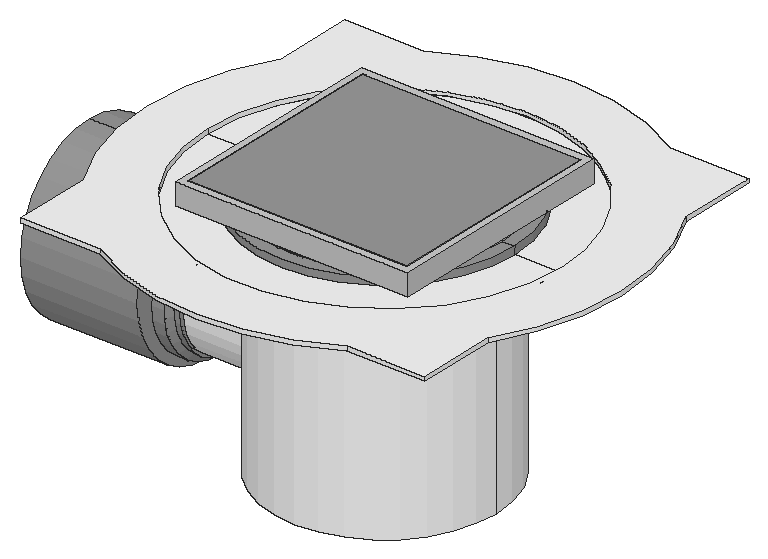
Revit family "HL_RU_Floor drain_HL72.1N-A-160411", category Instalační zařizovací předměty, Revit 2021
Family settings
  Kóta kulaté spojky = Použít průměr
  Typ dílu = Normální
  Číslo OmniClass = 23.70.50.21.24.14
  Nadpis OmniClass = Deck Waste Water Drains
  Založené na pracovní rovině = Ne
  Vždy vertikální = Ano
  Ořezat dutým tvarem při načtení = Ne
  Sdílené = Ano
  Bod výpočtu místnosti = Ano
Parameters (values of type "HL72.1N")
  РЕШЁТКА = "138x138mm / V2A"
  РАЗМЕР = "DN75/110"
  ПРОПУСКНАЯ СПОСОБНОСТЬ = 1.5 L/s
  ПРОИЗВОДИТЕЛЬНОСТЬ = "1,5 l/s"
  ПРАВОВАЯ ИНФОРМАЦИЯ = "Авторские права(©), права на дизайн или какие либо другие права интелектуальной собственности являются исключительной собственностью компании HL Hutterer & Lechner. Изменению не подлежит. Файл семейства с данными о прозводителе изделия защищен паролем с водяным знаком."  # constant formula
  НОМИНАЛЬНЫЙ ДИАМЕТР = 110 mm
  НАСАДКА = "20-70mm / 147x147mm / PP"
  МАТЕРИАЛ = "PP"
  МАКСИМАЛЬНАЯ НАГРУЗКА КЛАССА = "K3 - 300 kg"
  ВЫСОТА МОНТАЖА = "170mm"
  ВЕС = "1,27 [kg]"
  Výchozí výška = 0 mm
  Přípoj ventilace = no
  Výrobce = "HL Hutterer & Lechner GmbH"  # constant formula
  URL = "http://www.hutterer-lechner.com/ru/products/catalog/floor-drains/attachments/HL72.1n.aspx"
  Přípoj odpadních dílů = yes
  Přípoj HW = no
  Popis = "Трапы для внутренних помещений"
  Model = "HL72.1N"
  Komentáře k typům = "HL72.1N Трап для внутренних помещений DN75/110горизонтальный с обжимным фланцем, 147х147мм/138х138мм"
  Keynote = "HL72.1N"
  Высота монтажа [instance] = 170 mm
  EAN = "9003076107216"
  E = НОМИНАЛЬНЫЙ ДИАМЕТР = 110 mm  # yes
  DN_test [instance] = if(or(НОМИНАЛЬНЫЙ ДИАМЕТР = 75 mm, НОМИНАЛЬНЫЙ ДИАМЕТР = 110 mm), 30 mm, 0 mm)  # 30 mm
  Přípoj CW = no
  C [instance] = if(НОМИНАЛЬНЫЙ ДИАМЕТР = 110 mm, 187 mm, 153.7 mm)  # 187 mm
  B [instance] = if(НОМИНАЛЬНЫЙ ДИАМЕТР = 110 mm, Высота монтажа - 78.6 mm, Высота монтажа - 72.1 mm)  # 91.4 mm
  A [instance] = if(B - 100 mm > 15 mm, B - 100 mm, 15 mm)  # 15 mm
Reference planes
  plane 1 "Center (Front/Back)": y = 0
  plane 2: z = 0
  plane 3 "Center (Left/Right)": x = 0
  plane 4 "Ball Joint Vertical": x = 25.45
  plane 5: z = -170
  plane 6: z = -91.4
Lines and regions (mm)
  model lines, style "InvisibleLines"
    curve 1: line (0, 0, 0) -> (0, 0, 1000)
  reference lines
    curve 2: line (0, 0, -91.4) -> (-187, 0, -91.4)
  model lines, detail levels coarse+medium
    curve 3: line (0, 0, -91.4) -> (0, 0, -76.4)
    curve 4: line (0, 0, -76.4) -> (76.4, 0, 0)
    curve 5: line (0, 0, -76.4) -> (-76.4, 0, 0)
    curve 23: line (0, 0, -91.4) -> (-187, 0, -91.4)
  symbolic lines, detail levels coarse+medium
    curve 6: line (-75, 75, 0) -> (75, 75, 0)
    curve 7: line (-75, -75, 0) -> (-75, 75, 0)
    curve 8: line (75, -75, 0) -> (-75, -75, 0)
    curve 9: line (75, 75, 0) -> (75, -75, 0)
    curve 10: line (75, 75, 0) -> (145.711, 145.711, 0)
    curve 11: line (75, -75, 0) -> (145.711, -145.711, 0)
    curve 12: line (-75, 75, 0) -> (-145.711, 145.711, 0)
    curve 13: line (-75, -75, 0) -> (-145.711, -145.711, 0)
  symbolic lines, not visible, detail levels coarse+medium
    curve 14: line (-75, 75, 0) -> (75, 75, 0)
    curve 15: line (-75, -75, 0) -> (-75, 75, 0)
    curve 16: line (75, -75, 0) -> (-75, -75, 0)
    curve 17: line (75, 75, 0) -> (75, -75, 0)
    curve 18: line (75, 75, 0) -> (145.711, 145.711, 0)
    curve 19: line (75, -75, 0) -> (145.711, -145.711, 0)
    curve 20: line (-75, 75, 0) -> (-145.711, 145.711, 0)
    curve 21: line (-75, -75, 0) -> (-145.711, -145.711, 0)
  symbolic lines
    curve 22: line (0, 0, 0) -> (0, 0, -30)
Text (mm)
  text "ПОЛ" at (-198.233, 0, -26.556), in view "Drain Construction View"
Dimensions and locks
  locked: plane 4 "Ball Joint Vertical" to plane 3 "Center (Left/Right)" at 25.45
  "Высота монтажа": plane 2 to plane 5
  "A": curve 5 to plane 6
  "B": curve 5 to plane 6
  "B": curve 4 to plane 6
  "B": plane 2 to plane 6
  locked: nested 5 to plane 5 at 26.33
  "DN_test": curve 22 to curve 22
  "C": plane 3 "Center (Left/Right)" to curve 23
  "C": plane 3 "Center (Left/Right)" to curve 2
  locked: curve 4 to plane 3 "Center (Left/Right)" (angle 45.00°)
  locked: plane 3 "Center (Left/Right)" to curve 5 (angle 45.00°)
  aligned and locked: level to plane 2
  aligned and locked: plane 2 to curve 1
  aligned and locked: plane 3 "Center (Left/Right)" to curve 1
  aligned and locked: plane 3 "Center (Left/Right)" to curve 2
  aligned and locked: plane 3 "Center (Left/Right)" to curve 3
  aligned and locked: curve 3 to curve 2
  aligned and locked: plane 3 "Center (Left/Right)" to curve 5
  aligned and locked: nested 1 to nested 4
  aligned and locked: plane 5 to nested 1
Automatic sketch dimensions
  level to curve 1 = 1000 mm
  curve 2 to plane 6 = 0 mm
Nested families
  nested 1: "HL_Корпус для трапа внутренних помещений_HL72.1K" at (0, 0, -14.2), type "HL72.1K_Main Component"
  nested 2: "HL_Решётка_HL0317.1E" at (0, 0, 0), type "HL0317.1E_Main Component"
  nested 3: "HL_Насадка_HL0317.2E" at (0, 0, 0), type "HL0317.2E_Main Component"
    with Высота монтажа 20 mm, ВМ_Тест yes, ВМ 40 mm
  nested 4: "HL_Песколовка_HL0317.5E" at (0, 0, -20.45), type "HL0317.5E_Main Component"
  nested 5: "HL_Уменьшение_HL0317.4E" at (-113, 0, -36.37) x (-1, 0, 0) z (0, 0, 1), visible <- "E", type "HL0317.4E_Main Component"
Connectors
  piping at (-187, 0, -91.4), diameter 110, driven by "ПРОПУСКНАЯ СПОСОБНОСТЬ", driven by "НОМИНАЛЬНЫЙ ДИАМЕТР"
    settings: on curve 2, index 1, connector inside diameter 609.6 mm, connector length 0 mm, flow factor 0, pipe flow 1.5 L/s, pressure drop 0.0 Pa, fitting loss kfactor 0, connector angle 0.00°, fixture units 0, engagement length 0 mm, angle of deflection 0.00°, flow configuration 1, flow direction 2, fitting loss method 0, system type 16, joint type 0, gender type 0, connector reference index -1, connector utility 0, adjustable connector yes, is connector primary yes, connector description ""
Definition of nested family "HL_Корпус для трапа внутренних помещений_HL72.1K"
  Parameters (values of type "HL72.1K")
    РАЗМЕР = "DN75/110"
    ПРОИЗВОДИТЕЛЬНОСТЬ = "1,5 l/s"
    ПРАВОВАЯ ИНФОРМАЦИЯ = "Авторские права(©), права на дизайн или какие либо другие права интелектуальной собственности являются исключительной собственностью компании HL Hutterer & Lechner. Изменению не подлежит. Файл семейства с данными о прозводителе изделия защищен паролем с водяным знаком."  # constant formula
    МАТЕРИАЛ = "PP"
    ВЫСОТА МОНТАЖА = "150 mm"
    ВЕС = "0,52 [kg]"
    Waste Connection = yes
    Default Elevation = 0 mm
    Vent Connection = no
    Manufacturer = "HL Hutterer & Lechner GmbH"  # constant formula
    URL = "http://www.hutterer-lechner.com/ru/Products/catalog/floor-drains/attachments/HL72.1K.aspx"
    HW Connection = no
    Description = "Трапы для внутренних помещений - Комплектующие"
    Model = "HL72.1K"
    Type Comments = "HL72.1K Корпус трапа для внутренних помещений DN75 горизонтальный с обжимным фланцем."
    Keynote = "HL72.1K"
    EAN = "9003076008988"
    CW Connection = no
  Reference planes
    plane 1 "Center (Front/Back)": y = 0
    plane 2: z = 0
    plane 3 "Center (Left/Right)": x = 0
    plane 4 "Ball Joint Vertical": x = 25.45
  Forms (mm)
    Revolve 1, solid, detail levels fine
      sketch origin (0, 0, 0) x (1, 0, 0) y (0, 0, 1)
        loop
          line (0, -155.8) -> (71, -155.8) -> (71, -40.3) -> (83.205, -40.3) -> (89.5, -26.8) -> (89.5, -17) -> (94.734, -17) -> (95.169, -8.715) -> (79.5, -8.715) -> (79.5, -35.25) -> (68, -35.25) -> (68, -37.01) -> (60.505, -37.01) -> (60.505, -46.51) -> (68, -46.51) -> (68, -152.8) -> (0, -152.8) -> (0, -155.8)
        axis (0, -8.715) -> (0, -155.8)
      angle from 0 to 360
    Revolve 2, solid, detail levels fine
      sketch origin (0, 0, 0) x (1, 0, 0) y (0, 0, 1)
        loop
          line (82.5, 0) -> (74.9, 0)
          arc (74.9, 0) -> (72.291, -1.519) -> (72.325, -4.538) r 3
          line (72.325, -4.538) -> (72.999, -6.497) -> (72.999, -35.25) -> (79.5, -35.25) -> (79.5, -8.715) -> (82.5, -8.715) -> (82.5, 0)
        axis (0, 0) -> (0, -35.25)
      angle from 0 to 360
    Revolve 3, solid, detail levels fine
      sketch origin (0, 0, 0) x (1, 0, 0) y (0, 0, 1)
        loop
          line (-153.7, -46.25) -> (-153.7, -49.25) -> (-42.114, -49.25) -> (-42.114, -46.25) -> (-153.7, -46.25)
        axis (-153.7, -83.75) -> (-42.114, -83.75)
      angle from 0 to 360
    Extrusion 4, solid, detail levels fine
      sketch origin (0, 0, 0) x (1, 0, 0) y (0, 1, 0)
        loop
          circle (0, 0) r 60.505
      from -46.51 to -45.51
    Extrusion 5, void
      sketch origin (0, 0, 0) x (1, 0, 0) y (0, 1, 0)
        loop
          line (35.837, 48.75) -> (-19.675, 48.75) -> (-19.675, -48.75) -> (35.837, -48.75)
          arc (35.837, -48.75) -> (40.91, -44.579) -> (45.5, -39.883) r 60.505
          line (45.5, -39.883) -> (45.5, 39.883)
          arc (45.5, 39.883) -> (40.91, 44.579) -> (35.837, 48.75) r 60.505
      from -63.873 to -26.8
    Extrusion 6, solid, detail levels fine
      sketch origin (0, 0, 0) x (1, 0, 0) y (0, 1, 0)
        loop
          arc (35.837, 48.75) -> (34.778, 49.512) -> (33.702, 50.25) r 60.505
          line (33.702, 50.25) -> (-4.07, 50.25) -> (-4.07, 48.75) -> (35.837, 48.75)
        loop
          line (-4.07, -48.75) -> (-4.07, -50.25) -> (33.702, -50.25)
          arc (33.702, -50.25) -> (34.778, -49.512) -> (35.837, -48.75) r 60.505
          line (35.837, -48.75) -> (-4.07, -48.75)
        loop
          line (45.5, 39.883) -> (45.5, -39.883)
          arc (45.5, -39.883) -> (46.259, -39) -> (47, -38.103) r 60.505
          line (47, -38.103) -> (47, 38.103)
          arc (47, 38.103) -> (46.259, 39) -> (45.5, 39.883) r 60.505
      from -134.01 to -46.51
    Extrusion 7, solid, detail levels fine
      sketch origin (0, 0, 0) x (1, 0, 0) y (0, 0, 1)
        loop
          line (-21, -46.51) -> (-5.571, -134.01) -> (-4.07, -134.01) -> (-19.499, -46.51) -> (-21, -46.51)
      from 50.25 to -50.25
    Extrusion 8, solid, detail levels fine
      sketch origin (0, 0, 0) x (1, 0, 0) y (0, 0, 1)
        loop
          line (-4.07, -134.01) -> (-4.07, -46.51) -> (-19.499, -46.51) -> (-4.07, -134.01)
      from -48.75 to -50.25
    Extrusion 9, solid, detail levels fine
      sketch origin (0, 0, 0) x (1, 0, 0) y (0, 0, 1)
        loop
          line (-4.07, -46.51) -> (-19.499, -46.51) -> (-4.07, -134.01) -> (-4.07, -46.51)
      from 48.75 to 50.25
    Extrusion 10, void
      sketch origin (0, 0, 0) x (0, 1, 0) y (0, 0, 1)
        loop
          circle (0, -83.75) r 34.5
      from -42.114 to -128.469
    Revolve 11, void
      sketch origin (0, 0, 0) x (1, 0, 0) y (0, 0, 1)
        loop
          line (0, -129.446) -> (68, -129.446) -> (68, 17.174) -> (0, 17.174) -> (0, -129.446)
        axis (0, 17.174) -> (0, -129.446)
      angle from 0 to 360
    Extrusion 12, solid, detail levels fine
      sketch origin (0, 0, 0) x (1, 0, 0) y (0, 1, 0)
        loop
          arc (-30.916, 60.566) -> (-32.179, 59.904) -> (-33.429, 59.216) r 68
          arc (-33.429, 59.216) -> (-42.009, 0) -> (-33.429, -59.216) r 208.633
          arc (-33.429, -59.216) -> (-32.184, -59.901) -> (-30.926, -60.56) r 68
          arc (-30.926, -60.56) -> (-39.972, 0.003) -> (-30.916, 60.566) r 207.146
      from -75.3 to -152.8
    Extrusion 13, solid, detail levels fine
      sketch origin (0, 0, 0) x (1, 0, 0) y (0, 1, 0)
        loop
          line (-128, 128) -> (-128, 78.205)
          arc (-128, 78.205) -> (-150, 0) -> (-128, -78.205) r 150
          line (-128, -78.205) -> (-128, -128) -> (-78.205, -128)
          arc (-78.205, -128) -> (0, -150) -> (78.205, -128) r 150
          line (78.205, -128) -> (128, -128) -> (128, -78.205)
          arc (128, -78.205) -> (150, 0) -> (128, 78.205) r 150
          line (128, 78.205) -> (128, 128) -> (78.205, 128)
          arc (78.205, 128) -> (0, 150) -> (-78.205, 128) r 150
          line (-78.205, 128) -> (-128, 128)
        loop
          circle (0, 0) r 112.308
      from -1.759 to -4.538
    Revolve 14, solid, detail levels fine
      sketch origin (0, 0, 0) x (1, 0, 0) y (0, 0, 1)
        loop
          line (95.169, -8.715) -> (109.375, -7.472) -> (112.308, -4.538) -> (82.529, -4.538) -> (82.529, -8.715) -> (79.5, -8.715) -> (79.5, -17) -> (94.734, -17) -> (95.169, -8.715)
        axis (0, -4.538) -> (0, -17)
      angle from 0 to 360
  Cuts and joins
    Extrusion 10 cuts Revolve 1
    Extrusion 5 cuts Extrusion 4
    joined: Revolve 1, Extrusion 4, Extrusion 6, Extrusion 7, Extrusion 8, Extrusion 9, Extrusion 12
    Revolve 11 cuts Revolve 3
  Lines and regions (mm)
    model lines, detail levels fine
      curve 1: line (-5.307, 98.186, -4.538) -> (-3.194, 98.186, -4.538)
      curve 2: line (-4.093, 97.29, -4.538) -> (-5.307, 97.29, -4.538)
      curve 3: line (-4.093, 97.29, -4.538) -> (-4.093, 93.786, -4.538)
      curve 4: line (-3.194, 98.186, -4.538) -> (-3.194, 93.786, -4.538)
      curve 5: line (-1.279, 97.732, -4.538) -> (-1.279, 96.767, -4.538)
      curve 6: line (-2.179, 97.732, -4.538) -> (-2.179, 93.786, -4.538)
      curve 7: arc (-2.179, 97.732, -4.538) -> (-1.729, 98.182, -4.538) -> (-1.279, 97.732, -4.538) r 0.45
      curve 8: arc (-2.179, 93.786, -4.538) -> (-1.729, 93.336, -4.538) -> (-1.279, 93.786, -4.538) r 0.45
      curve 9: arc (-0.662, 96.154, -4.538) -> (-1.096, 96.333, -4.538) -> (-1.275, 96.767, -4.538) r 0.613
      curve 10: line (-1.279, 93.786, -4.538) -> (-1.279, 94.751, -4.538)
      curve 11: arc (-0.662, 95.364, -4.538) -> (-1.096, 95.185, -4.538) -> (-1.275, 94.751, -4.538) r 0.613
      curve 12: line (1.033, 97.732, -4.538) -> (1.033, 96.767, -4.538)
      curve 13: line (1.933, 97.732, -4.538) -> (1.933, 93.786, -4.538)
      curve 14: arc (1.933, 97.732, -4.538) -> (1.483, 98.182, -4.538) -> (1.033, 97.732, -4.538) r 0.45
      curve 15: arc (1.933, 93.786, -4.538) -> (1.483, 93.336, -4.538) -> (1.033, 93.786, -4.538) r 0.45
      curve 16: arc (0.417, 96.154, -4.538) -> (0.85, 96.333, -4.538) -> (1.03, 96.767, -4.538) r 0.613
      curve 17: line (1.033, 93.786, -4.538) -> (1.033, 94.751, -4.538)
      curve 18: arc (0.417, 95.364, -4.538) -> (0.85, 95.185, -4.538) -> (1.03, 94.751, -4.538) r 0.613
      curve 19: line (-0.662, 96.154, -4.538) -> (0.417, 96.154, -4.538)
      curve 20: line (-0.662, 95.364, -4.538) -> (0.417, 95.364, -4.538)
      curve 21: arc (-5.307, 98.186, -4.538) -> (-5.755, 97.738, -4.538) -> (-5.307, 97.29, -4.538) r 0.448
      curve 22: arc (-3.194, 93.786, -4.538) -> (-3.644, 93.337, -4.538) -> (-4.093, 93.786, -4.538) r 0.45
  Text (mm)
    text "ROOF/FLOOR" at (-198.233, 0, -26.556), in view "Drain Construction View"
  Dimensions and locks
    locked: plane 4 "Ball Joint Vertical" to plane 3 "Center (Left/Right)" at 25.45
    aligned and locked: level to plane 2
Definition of nested family "HL_Решётка_HL0317.1E"
  Parameters
    РАЗМЕР = "138x138 mm"
    ПРАВОВАЯ ИНФОРМАЦИЯ = "Авторские права(©), права на дизайн или какие либо другие права интелектуальной собственности являются исключительной собственностью компании HL Hutterer & Lechner. Изменению не подлежит. Файл семейства с данными о прозводителе изделия защищен паролем с водяным знаком."  # constant formula
    МАТЕРИАЛ = "V2A"
    МАКСИМАЛЬНАЯ НАГРУЗКА КЛАССА = "K3 - 300 kg"
    ВЕС = "0,20 [kg]"
    Waste Connection = yes
    Default Elevation = 0 mm
    Vent Connection = no
    Manufacturer = "HL Hutterer & Lechner GmbH"  # constant formula
    URL = "http://www.hutterer-lechner.com/ru/Products/catalog/floor-drains/attachments/HL0317.1E.aspx"
    HW Connection = no
    Description = "Трапы для внутренних помещений - Комплектующие"
    Model = "HL0317.1E"
    Type Comments = "HL0317.1E Решетка для сливных отверстий из высококачественной стали 138х138мм"
    Keynote = "HL0317.1E"
    EAN = "9003076317011"
    CW Connection = no
  Reference planes
    plane 1 "Center (Front/Back)": y = 0
    plane 2: z = 0
    plane 3 "Center (Left/Right)": x = 0
    plane 4 "Ball Joint Vertical": x = 25.45
  Forms (mm)
    Extrusion 1, solid, detail levels fine
      sketch origin (0, 0, 0) x (1, 0, 0) y (0, 1, 0)
        loop
          line (-69, 69) -> (-69, -69) -> (69, -69) -> (69, 69) -> (-69, 69)
      from 0 to -5
  Lines and regions (mm)
    model lines, detail levels fine
      curve 1: line (40.5, 59.75, 0) -> (-40.5, 59.75, 0)
      curve 2: line (-40.5, 52.25, 0) -> (40.5, 52.25, 0)
      curve 3: line (24.5, 43.75, 0) -> (-24.5, 43.75, 0)
      curve 4: line (-24.5, 36.25, 0) -> (24.5, 36.25, 0)
      curve 5: line (8.5, 27.75, 0) -> (-8.5, 27.75, 0)
      curve 6: line (-8.5, 20.25, 0) -> (8.5, 20.25, 0)
      curve 7: arc (-8.5, 27.75, 0) -> (-12.25, 24, 0) -> (-8.5, 20.25, 0) r 3.75
      curve 8: arc (8.5, 20.25, 0) -> (12.25, 24, 0) -> (8.5, 27.75, 0) r 3.75
      curve 9: arc (24.5, 36.25, 0) -> (28.25, 40, 0) -> (24.5, 43.75, 0) r 3.75
      curve 10: arc (40.5, 52.25, 0) -> (44.25, 56, 0) -> (40.5, 59.75, 0) r 3.75
      curve 11: arc (-40.5, 59.75, 0) -> (-44.25, 56, 0) -> (-40.5, 52.25, 0) r 3.75
      curve 12: arc (-24.5, 43.75, 0) -> (-28.25, 40, 0) -> (-24.5, 36.25, 0) r 3.75
      curve 13: line (-59.75, 40.5, 0) -> (-59.75, -40.5, 0)
      curve 14: line (-52.25, -40.5, 0) -> (-52.25, 40.5, 0)
      curve 15: line (-43.75, 24.5, 0) -> (-43.75, -24.5, 0)
      curve 16: line (-36.25, -24.5, 0) -> (-36.25, 24.5, 0)
      curve 17: line (-27.75, 8.5, 0) -> (-27.75, -8.5, 0)
      curve 18: line (-20.25, -8.5, 0) -> (-20.25, 8.5, 0)
      curve 19: arc (-20.25, 8.5, 0) -> (-24, 12.25, 0) -> (-27.75, 8.5, 0) r 3.75
      curve 20: arc (-27.75, -8.5, 0) -> (-24, -12.25, 0) -> (-20.25, -8.5, 0) r 3.75
      curve 21: arc (-43.75, -24.5, 0) -> (-40, -28.25, 0) -> (-36.25, -24.5, 0) r 3.75
      curve 22: arc (-36.25, 24.5, 0) -> (-40, 28.25, 0) -> (-43.75, 24.5, 0) r 3.75
      curve 23: arc (-52.25, 40.5, 0) -> (-56, 44.25, 0) -> (-59.75, 40.5, 0) r 3.75
      curve 24: arc (-59.75, -40.5, 0) -> (-56, -44.25, 0) -> (-52.25, -40.5, 0) r 3.75
      curve 25: line (8.5, -20.25, 0) -> (-8.5, -20.25, 0)
      curve 26: line (-8.5, -27.75, 0) -> (8.5, -27.75, 0)
      curve 27: line (24.5, -36.25, 0) -> (-24.5, -36.25, 0)
      curve 28: line (-24.5, -43.75, 0) -> (24.5, -43.75, 0)
      curve 29: line (40.5, -52.25, 0) -> (-40.5, -52.25, 0)
      curve 30: line (-40.5, -59.75, 0) -> (40.5, -59.75, 0)
      curve 31: arc (-40.5, -52.25, 0) -> (-44.25, -56, 0) -> (-40.5, -59.75, 0) r 3.75
      curve 32: arc (40.5, -59.75, 0) -> (44.25, -56, 0) -> (40.5, -52.25, 0) r 3.75
      curve 33: arc (24.5, -43.75, 0) -> (28.25, -40, 0) -> (24.5, -36.25, 0) r 3.75
      curve 34: arc (-24.5, -36.25, 0) -> (-28.25, -40, 0) -> (-24.5, -43.75, 0) r 3.75
      curve 35: arc (-8.5, -20.25, 0) -> (-12.25, -24, 0) -> (-8.5, -27.75, 0) r 3.75
      curve 36: arc (8.5, -27.75, 0) -> (12.25, -24, 0) -> (8.5, -20.25, 0) r 3.75
      curve 37: line (20.25, 8.5, 0) -> (20.25, -8.5, 0)
      curve 38: line (27.75, -8.5, 0) -> (27.75, 8.5, 0)
      curve 39: line (36.25, 24.5, 0) -> (36.25, -24.5, 0)
      curve 40: line (43.75, -24.5, 0) -> (43.75, 24.5, 0)
      curve 41: line (52.25, 40.5, 0) -> (52.25, -40.5, 0)
      curve 42: line (59.75, -40.5, 0) -> (59.75, 40.5, 0)
      curve 43: arc (52.25, -40.5, 0) -> (56, -44.25, 0) -> (59.75, -40.5, 0) r 3.75
      curve 44: arc (36.25, -24.5, 0) -> (40, -28.25, 0) -> (43.75, -24.5, 0) r 3.75
      curve 45: arc (20.25, -8.5, 0) -> (24, -12.25, 0) -> (27.75, -8.5, 0) r 3.75
      curve 46: arc (27.75, 8.5, 0) -> (24, 12.25, 0) -> (20.25, 8.5, 0) r 3.75
      curve 47: arc (43.75, 24.5, 0) -> (40, 28.25, 0) -> (36.25, 24.5, 0) r 3.75
      curve 48: arc (59.75, 40.5, 0) -> (56, 44.25, 0) -> (52.25, 40.5, 0) r 3.75
      curve 49: line (-6.994, -2.339, 0) -> (-2.397, -6.935, 0)
      curve 50: line (-4.077, -3.134, 0) -> (-5.933, -1.278, 0)
      curve 51: line (-1.337, -5.874, 0) -> (-3.193, -4.018, 0)
      curve 52: line (-3.193, -4.018, 0) -> (-0.718, -1.543, 0)
      curve 53: line (-1.602, -0.659, 0) -> (-4.077, -3.134, 0)
      curve 54: line (-0.718, -1.543, 0) -> (1.138, -3.399, 0)
      curve 55: line (-3.458, 1.197, 0) -> (-1.602, -0.659, 0)
      curve 56: line (-1.337, 3.318, 0) -> (2.906, -0.925, 0)
      curve 57: line (3.967, 0.136, 0) -> (-0.276, 4.379, 0)
      curve 58: line (6.353, 2.523, 0) -> (3.967, 0.136, 0)
      curve 59: line (4.674, -0.925, 0) -> (7.237, 1.639, 0)
      curve 60: arc (-6.994, -2.339, 0) -> (-6.994, -1.278, 0) -> (-5.933, -1.278, 0) r 0.75
      curve 61: arc (-3.458, 1.197, 0) -> (-3.458, 2.257, 0) -> (-2.397, 2.257, 0) r 0.75
      curve 62: arc (-1.337, 3.318, 0) -> (-1.337, 4.379, 0) -> (-0.276, 4.379, 0) r 0.75
      curve 63: arc (6.353, 2.523, 0) -> (7.237, 2.523, 0) -> (7.237, 1.639, 0) r 0.625
      curve 64: arc (2.906, -0.925, 0) -> (3.79, -1.291, 0) -> (4.674, -0.925, 0) r 1.25
      curve 65: arc (-2.397, -6.935, 0) -> (-1.337, -6.935, 0) -> (-1.337, -5.874, 0) r 0.75
      curve 66: arc (1.138, -3.399, 0) -> (2.183, -3.416, 0) -> (2.232, -2.372, 0) r 0.751
      curve 67: line (2.232, -2.372, 0) -> (-2.397, 2.257, 0)
    model lines
      curve 68: line (0, 0, 0) -> (0, 0, 100)
  Text (mm)
    text "ROOF/FLOOR" at (-198.233, 0, -26.556), in view "Drain Construction View"
  Dimensions and locks
    locked: plane 4 "Ball Joint Vertical" to plane 3 "Center (Left/Right)" at 25.45
    aligned and locked: level to plane 2
Definition of nested family "HL_Насадка_HL0317.2E"
  Parameters
    РАЗМЕР = "d 145 mm"
    ПРАВОВАЯ ИНФОРМАЦИЯ = "Авторские права(©), права на дизайн или какие либо другие права интелектуальной собственности являются исключительной собственностью компании HL Hutterer & Lechner. Изменению не подлежит. Файл семейства с данными о прозводителе изделия защищен паролем с водяным знаком."  # constant formula
    НАСАДКА = "147x147mm"
    МАТЕРИАЛ = "PP-V2A"
    Высота монтажа [instance] = 70 mm
    ВЫСОТА МОНТАЖА = "20-70mm"
    ВМ_Тест [instance] = and(or(Высота монтажа < ВМ_Max, Высота монтажа > ВМ_Min, Высота монтажа = ВМ_Min))  # yes
    ВМ_Min = 20 mm
    ВМ_Max = 70 mm
    ВМ [instance] = if(ВМ_Тест, Высота монтажа + 20 mm, 0 mm)  # 90 mm
    ВЕС = "0,13 [kg]"
    Waste Connection = yes
    Default Elevation = 0 mm
    Vent Connection = no
    Manufacturer = "HL Hutterer & Lechner GmbH"  # constant formula
    URL = "http://www.hutterer-lechner.com/ru/Products/catalog/floor-drains/attachments/HL0317.2E.aspx"
    HW Connection = no
    Description = "Трапы для внутренних помещений - Комплектующие"
    Model = "HL0317.2E"
    Type Comments = "HL0317.2E Насадные подрамники d 145мм/90мм/147х147мм"
    Keynote = "HL0317.2E"
    EAN = "9003076317028"
    CW Connection = no
  Reference planes
    plane 1 "Center (Front/Back)": y = 0
    plane 2: z = 0
    plane 3 "Center (Left/Right)": x = 0
    plane 4 "Ball Joint Vertical": x = 25.45
    plane 5: z = -90
  Forms (mm)
    Extrusion 1, solid, detail levels fine
      sketch origin (0, 0, 0) x (1, 0, 0) y (0, 1, 0)
        loop
          line (69.5, 69.5) -> (-69.5, 69.5) -> (-69.5, -69.5) -> (69.5, -69.5) -> (69.5, 69.5)
        loop
          line (73.5, 73.5) -> (-73.5, 73.5) -> (-73.5, -73.5) -> (73.5, -73.5) -> (73.5, 73.5)
      from 0 to -14
    Extrusion 2, solid, detail levels fine
      sketch origin (0, 0, 0) x (1, 0, 0) y (0, 1, 0)
        loop
          line (-21.332, 69.5) -> (-69.5, 69.5) -> (-69.5, 21.332)
          arc (-69.5, 21.332) -> (-51.407, 51.407) -> (-21.332, 69.5) r 72.7
        loop
          line (69.5, 21.332) -> (69.5, 69.5) -> (21.332, 69.5)
          arc (21.332, 69.5) -> (51.407, 51.407) -> (69.5, 21.332) r 72.7
        loop
          line (21.332, -69.5) -> (69.5, -69.5) -> (69.5, -21.332)
          arc (69.5, -21.332) -> (51.407, -51.407) -> (21.332, -69.5) r 72.7
        loop
          line (-69.5, -21.332) -> (-69.5, -69.5) -> (-21.332, -69.5)
          arc (-21.332, -69.5) -> (-51.407, -51.407) -> (-69.5, -21.332) r 72.7
      from -5 to -14
    Revolve 3, solid, detail levels fine
      sketch origin (0, 0, 0) x (0, 1, 0) y (0, 0, 1)
        loop
          line (72.5, -14) -> (69.3, -14) -> (69.3, -90) -> (72.5, -90) -> (72.5, -14)
        axis (0, -14) -> (0, -90)
      angle from 0 to 360
  Cuts and joins
    joined: Extrusion 1, Extrusion 2, Revolve 3
  Lines and regions (mm)
    symbolic lines, not visible
      curve 1: line (0, 0, -90) -> (0, 0, 0)
    model lines
      curve 2: line (0, 0, 0) -> (0, 0, 100)
  Text (mm)
    text "ROOF/FLOOR" at (-198.233, 0, -26.556), in view "Drain Construction View"
  Dimensions and locks
    locked: plane 4 "Ball Joint Vertical" to plane 3 "Center (Left/Right)" at 25.45
    "ВМ": plane 2 to plane 5
    aligned and locked: level to plane 2
    aligned and locked: plane 5 to cut or joined group of Extrusion 1, Extrusion 2, Revolve 3
    aligned and locked: plane 2 to curve 1
    aligned and locked: plane 5 to curve 1
    aligned and locked: plane 3 "Center (Left/Right)" to curve 1
  Automatic sketch dimensions
    Extrusion 1 sketch curve to plane 3 "Center (Left/Right)" = 73.5 mm
    Extrusion 1 sketch curve to Extrusion 1 sketch curve = 4 mm  (x4)
    plane 4 "Ball Joint Vertical" to Extrusion 1 sketch curve = 44.05 mm
    plane 1 "Center (Front/Back)" to Extrusion 1 sketch curve = 73.5 mm
    Extrusion 1 sketch curve to plane 1 "Center (Front/Back)" = 69.5 mm
    Extrusion 2 sketch curve to Extrusion 2 sketch curve = 0 mm  (x13)
    plane 1 "Center (Front/Back)" to Extrusion 2 sketch curve = 0 mm
    Extrusion 2 sketch curve to plane 3 "Center (Left/Right)" = 0 mm
    Extrusion 2 sketch curve to plane 3 "Center (Left/Right)" = 21.332 mm  (x2)
    Extrusion 2 sketch curve to Extrusion 2 sketch curve = 48.168 mm  (x2)
    Extrusion 2 sketch curve to plane 4 "Ball Joint Vertical" = 4.118 mm  (x2)
    plane 4 "Ball Joint Vertical" to Extrusion 2 sketch curve = 44.05 mm  (x2)
    plane 1 "Center (Front/Back)" to Extrusion 2 sketch curve = 21.332 mm  (x2)
    Extrusion 2 sketch curve to plane 1 "Center (Front/Back)" = 21.332 mm
    Extrusion 2 sketch curve to plane 1 "Center (Front/Back)" = 69.5 mm
    Revolve 3 sketch curve to plane 1 "Center (Front/Back)" = 0 mm
    Revolve 3 sketch curve to plane 5 = 0 mm
    Revolve 3 sketch curve to level = 14 mm
    Revolve 3 sketch curve to plane 1 "Center (Front/Back)" = 69.3 mm
    Revolve 3 sketch curve to Revolve 3 sketch curve = 3.2 mm
    Revolve 3 sketch curve to plane 5 = 430.992 mm
    level to Revolve 3 sketch curve = 2741.474 mm
    curve 2 to curve 2 = 100 mm
Definition of nested family "HL_Песколовка_HL0317.5E"
  Parameters (values of type "HL0317.5E")
    ПРАВОВАЯ ИНФОРМАЦИЯ = "Авторские права(©), права на дизайн или какие либо другие права интелектуальной собственности являются исключительной собственностью компании HL Hutterer & Lechner. Изменению не подлежит. Файл семейства с данными о прозводителе изделия защищен паролем с водяным знаком."  # constant formula
    МАТЕРИАЛ = "PP"
    ВЕС = "0,03[kg]"
    Waste Connection = yes
    Default Elevation = 0 mm
    Vent Connection = no
    Manufacturer = "HL Hutterer & Lechner GmbH"  # constant formula
    URL = "http://www.hutterer-lechner.com/ru/Products/catalog/floor-drains/attachments/HL0317.5E.aspx"
    HW Connection = no
    Description = "Трапы для внутренних помещений - Комплектующие"
    Model = "HL0317.5E"
    Type Comments = "HL0317.5E Песколовка"
    Keynote = "HL0317.5E"
    EAN = "9003076317059"
    CW Connection = no
  Reference planes
    plane 1 "Center (Front/Back)": y = 0
    plane 2: z = 0
    plane 3 "Center (Left/Right)": x = 0
    plane 4 "Ball Joint Vertical": x = 25.45
  Forms (mm)
    Revolve 1, solid, detail levels fine
      sketch origin (0, 0, 0) x (0, 1, 0) y (0, 0, 1)
        loop
          line (69, -29) -> (69, 0) -> (67.3, 0) -> (67.3, -27.3) -> (22, -27.3) -> (22, -8) -> (19, -8) -> (19, -29) -> (69, -29)
        axis (0, 0) -> (0, -29)
      angle from 0 to 360
  Lines and regions (mm)
    model lines, detail levels fine
      curve 1: circle (-44.62, 0, -27.3) r 5 normal (0, 0, 1)
      curve 2: circle (0, 44.62, -27.3) r 5 normal (0, 0, 1)
      curve 3: circle (44.62, 0, -27.3) r 5 normal (0, 0, 1)
      curve 4: circle (0, -44.62, -27.3) r 5 normal (0, 0, -1)
      curve 5: circle (-38.642, 22.31, -27.3) r 5 normal (0, 0, 1)
      curve 6: circle (22.31, 38.642, -27.3) r 5 normal (0, 0, 1)
      curve 7: circle (38.642, -22.31, -27.3) r 5 normal (0, 0, 1)
      curve 8: circle (-22.31, -38.642, -27.3) r 5 normal (0, 0, -1)
      curve 9: circle (-22.31, 38.642, -27.3) r 5 normal (0, 0, 1)
      curve 10: circle (38.642, 22.31, -27.3) r 5 normal (0, 0, 1)
      curve 11: circle (22.31, -38.642, -27.3) r 5 normal (0, 0, 1)
      curve 12: circle (-38.642, -22.31, -27.3) r 5 normal (0, 0, -1)
  Text (mm)
    text "ROOF/FLOOR" at (-198.233, 0, -26.556), in view "Drain Construction View"
  Dimensions and locks
    locked: plane 4 "Ball Joint Vertical" to plane 3 "Center (Left/Right)" at 25.45
    aligned and locked: level to plane 2
Definition of nested family "HL_Уменьшение_HL0317.4E"
  Parameters (values of type "HL0317.4E")
    РАЗМЕР = "DN110xDN75"
    ПРАВОВАЯ ИНФОРМАЦИЯ = "Авторские права(©), права на дизайн или какие либо другие права интелектуальной собственности являются исключительной собственностью компании HL Hutterer & Lechner. Изменению не подлежит. Файл семейства с данными о прозводителе изделия защищен паролем с водяным знаком."  # constant formula
    МАТЕРИАЛ = "PP"
    ВЕС = "0,10 [kg]"
    Waste Connection = yes
    Default Elevation = 0 mm
    Vent Connection = no
    Manufacturer = "HL Hutterer & Lechner GmbH"  # constant formula
    URL = "http://www.hutterer-lechner.com/ru/Products/catalog/floor-drains/attachments/HL0317.4E.aspx"
    HW Connection = no
    Description = "Трапы для внутренних помещений - Комплектующие"
    Model = "HL0317.4E"
    Type Comments = "HL0317.4E Уменьшение DN110xDN75"
    Keynote = "HL0317.4E"
    EAN = "9003076317042"
    CW Connection = no
  Reference planes
    plane 1 "Center (Front/Back)": y = 0
    plane 2: z = 0
    plane 3 "Center (Left/Right)": x = 0
    plane 4 "Ball Joint Vertical": x = 25.45
  Forms (mm)
    Revolve 1, solid, detail levels fine
      sketch origin (0, 0, 0) x (1, 0, 0) y (0, 0, 1)
        loop
          line (74, -2.7) -> (74, 0) -> (0, 0) -> (0, -55) -> (3, -55) -> (3, -2.7) -> (74, -2.7)
        axis (74, -55) -> (0, -55)
      angle from 0 to 360
    Revolve 2, solid, detail levels fine
      sketch origin (0, 0, 0) x (1, 0, 0) y (0, 0, 1)
        loop
          line (-15, -21.165) -> (-15, -23.3) -> (39.9, -23.3) -> (39.9, -21.3) -> (0, -21.3) -> (0, -17) -> (-8.629, -17) -> (-11.112, -21.165) -> (-15, -21.165)
        axis (-15, -61) -> (39.9, -61)
      angle from 0 to 360
    Extrusion 3, void
      sketch origin (0, 0, 0) x (0, 1, 0) y (0, 0, 1)
        loop
          arc (-33.715, -46.537) -> (-35.917, -53.62) -> (-36.661, -61) r 36.983
          arc (-36.661, -61) -> (-12.182, -95.805) -> (28.85, -84.535) r 36.983
          arc (28.85, -84.535) -> (31.932, -80.198) -> (34.36, -75.463) r 36.983
          arc (34.36, -75.463) -> (36.561, -68.38) -> (37.305, -61) r 36.983
          arc (37.305, -61) -> (7.702, -24.761) -> (-33.715, -46.537) r 36.983
      from 55.439 to -38.757
  Cuts and joins
    Extrusion 3 cuts Revolve 1
  Text (mm)
    text "ROOF/FLOOR" at (-198.233, 0, -26.556), in view "Drain Construction View"
  Dimensions and locks
    locked: plane 4 "Ball Joint Vertical" to plane 3 "Center (Left/Right)" at 25.45
    aligned and locked: level to plane 2
